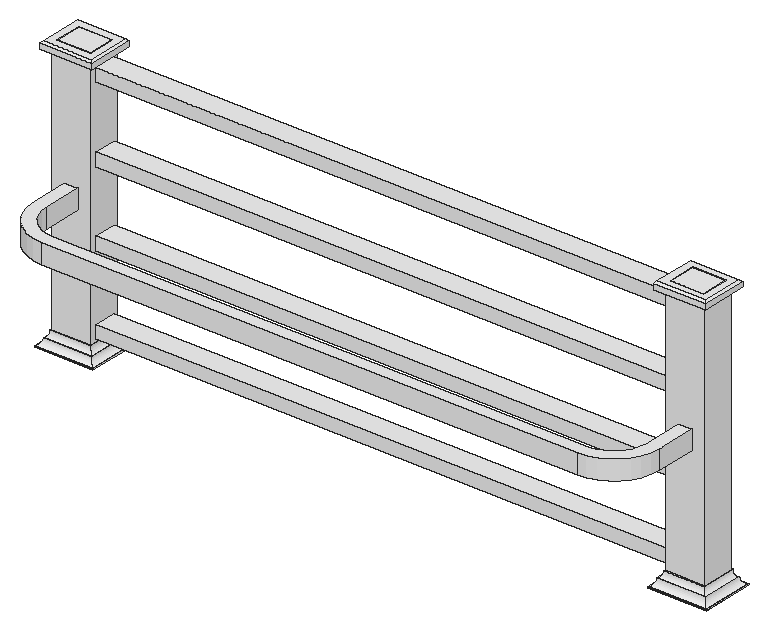
Revit family "Train_Rack-American_Standard-Town_Square-7455260_Series", category Specialty Equipment, host Face, Revit 2019
Family settings
  Host = Face
  Round Connector Dimension = Use Diameter
  Part Type = Normal
  OmniClass Number = 23.40.20.21.27
  OmniClass Title = Towel Bars
  Cut with Voids When Loaded = No
  Shared = Yes
  Room Calculation Point = No
Parameters (values of type "7455260.002")
  Width = 10 9/16"
  Warranty Information = "Limited Lifetime Warranty"
  URL = "https://www.americanstandard-us.com/"
  Type Comments = ""
  Product Page URL = "https://www.americanstandard-us.com/Towel-Bars/Town-Square-S-24-Inch-Train-Rack/CHROME-7455260002"
  Product Documentation Link = "https://americanstandard.box.com/shared/static/7sfmfnsywqtkfmsoqsz2spnwdee74oyk.pdf"
  Model = "7455260.002"
  Material = "Brass-American Standard-002-Polished Chrome"
  Manufacturer = "American Standard"
  Length = 25 7/8"
  Installation Type = "Wall Mounted"
  Height = 4 15/16"
  Finish = Brass-American Standard-002-Polished Chrome
  Description = "Town Square® S 24-Inch Train Rack"
  Default Elevation = 40"
  Creation Date = "01/04/2023"  # constant formula
  Assembly Code = "C1030200"
Types (5): name | Product Page URL | Model | Material | Finish
  (no name) | "https://www.americanstandard-us.com/Towel-Bars/Town-Square-S-24-Inch-Train-Rack/CHROME-7455260002" | "7455260.002" | "Brass-American Standard-002-Polished Chrome" | Brass-American Standard-002-Polished Chrome
  7455260.002 | "https://www.americanstandard-us.com/Towel-Bars/Town-Square-S-24-Inch-Train-Rack/CHROME-7455260002" | "7455260.002" | "Brass-American Standard-002-Polished Chrome" | Brass-American Standard-002-Polished Chrome
  7455260.295 | "https://www.americanstandard-us.com/Towel-Bars/Town-Square-S-24-Inch-Train-Rack/BRUSHED-NICKEL-7455260295" | "7455260.295" | "Brass-American Standard-295-Satin Nickel" | Brass-American Standard-295-Satin Nickel
  7455260.278 | "https://www.americanstandard-us.com/Towel-Bars/Town-Square-S-24-Inch-Train-Rack/LEGACY-BRONZE-7455260278" | "7455260.278" | "Brass-American Standard-278-Legacy Bronze" | Brass-American Standard-278-Legacy Bronze
  7455260.013 | "https://www.americanstandard-us.com/Towel-Bars/Town-Square-S-24-Inch-Train-Rack/POLISHED-NICKEL-7455260013" | "7455260.013" | "Brass-American Standard-013-Polished Nickel" | Brass-American Standard-013-Polished Nickel
Reference planes (in)
  plane 1 "Center (Front/Back)": y = 0
  plane 2: z = -15.3125
  plane 3 "Center (Left/Right)": x = 0
  plane 4: z = 10.5625
  plane 5: x = -12.9375
  plane 6: x = 12.9375
  plane 7: x = -11.8125
  plane 8: x = 11.8125
  plane 9: z = 1.5
  plane 10: y = -3.92969
Forms (in)
  Extrusion 1, solid, material "Brass-American Standard-002-Polished Chrome" <- "Finish"
    sketch origin (0, 0, 0) x (1, 0, 0) y (0, 1, 0)
      loop
        line (-12.45439, 0.5247) -> (-12.45439, -0.5247) -> (-11.17061, -0.5247) -> (-11.17061, 0.5247) -> (-12.45439, 0.5247)
    from 0 to 10.5625
  Sweep 2, solid, material "Brass-American Standard-002-Polished Chrome" <- "Finish"
    path origin (0, 0, 0) x (-1, 0, 0) y (0, 1, 0)
      loop
        line (-12.9375, 1.00781) -> (-12.9375, -1.00781) -> (-10.6875, -1.00781) -> (-10.6875, 1.00781) -> (-12.9375, 1.00781)
    profile origin (11.8125, 1.00781, 0) x (0, -1, 0) y (0, 0, 1)
      loop
        line (0, 0) -> (0.48311, 0) -> (0.48311, 10.5625) -> (0.19869, 10.5625) -> (0.11869, 10.4825) -> (0.11869, 10.2816) -> (0.37482, 10.2816) -> (0.37482, 0.57265) -> (0.33535, 0.57265)
        arc (0.33535, 0.57265) -> (0.31676, 0.42855) -> (0.23311, 0.30976) r 0.30243
        line (0.23311, 0.30976) -> (0.19364, 0.30976)
        arc (0.19364, 0.30976) -> (0.15143, 0.15668) -> (0.03671, 0.04687) r 0.29866
        line (0.03671, 0.04687) -> (0, 0.04687) -> (0, 0)
  Extrusion 3, solid, material "Brass-American Standard-002-Polished Chrome" <- "Finish"
    sketch origin (12.70439, -0.7747, 0.62226) x (0, 1, 0) y (0, 0, 1)
      loop
        line (0.33715, 9.44959) -> (0.33715, 8.94959) -> (1.21225, 8.94959) -> (1.21225, 9.44959) -> (0.33715, 9.44959)
      loop
        line (0.33715, 0.0739) -> (1.21225, 0.0739) -> (1.21225, 0.5739) -> (0.33715, 0.5739) -> (0.33715, 0.0739)
      loop
        line (0.33715, 6.52304) -> (0.33715, 6.02304) -> (1.21225, 6.02304) -> (1.21225, 6.52304) -> (0.33715, 6.52304)
      loop
        line (0.33715, 3.12545) -> (1.21225, 3.12545) -> (1.21225, 3.62545) -> (0.33715, 3.62545) -> (0.33715, 3.12545)
    from -24.51689 to -0.89189
  Sweep 4, solid, material "Brass-American Standard-002-Polished Chrome" <- "Finish"
    path origin (0, -0.03906, 0) x (1, 0, 0) y (0, 1, 0)
      loop
        line (-11.8125, 0.03906) -> (-11.8125, -2.14073)
        arc (-11.8125, -2.14073) -> (-11.37316, -3.20139) -> (-10.3125, -3.64073) r 1.5
        line (-10.3125, -3.64073) -> (10.3125, -3.64073)
        arc (10.3125, -3.64073) -> (11.37316, -3.20139) -> (11.8125, -2.14073) r 1.5
        line (11.8125, -2.14073) -> (11.8125, 0.03906)
    profile origin (-11.8125, -1.0899, 0) x (1, 0, 0) y (0, 0, 1)
      loop
        line (0.25, 5.8023) -> (-0.25, 5.8023) -> (-0.25, 5.0523) -> (0.25, 5.0523) -> (0.25, 5.8023)
  Extrusion 5, solid, material "Brass-American Standard-002-Polished Chrome" <- "Finish"
    sketch origin (0, 0, 0) x (-1, 0, 0) y (0, -1, 0)
      loop
        line (-12.45439, -0.5247) -> (-11.17061, -0.5247) -> (-11.17061, 0.5247) -> (-12.45439, 0.5247) -> (-12.45439, -0.5247)
    from 0 to 10.5625
  Sweep 6, solid, material "Brass-American Standard-002-Polished Chrome" <- "Finish"
    path origin (0, 0, 0) x (1, 0, 0) y (0, 1, 0)
      loop
        line (-12.9375, 1.00781) -> (-12.9375, -1.00781) -> (-10.6875, -1.00781) -> (-10.6875, 1.00781) -> (-12.9375, 1.00781)
    profile origin (-11.8125, 1.00781, 0) x (0, 1, 0) y (0, 0, 1)
      loop
        line (0, 0) -> (0, 0.04687) -> (-0.03671, 0.04687)
        arc (-0.03671, 0.04687) -> (-0.15143, 0.15668) -> (-0.19364, 0.30976) r 0.29866
        line (-0.19364, 0.30976) -> (-0.23311, 0.30976)
        arc (-0.23311, 0.30976) -> (-0.31676, 0.42855) -> (-0.33535, 0.57265) r 0.30243
        line (-0.33535, 0.57265) -> (-0.37482, 0.57265) -> (-0.37482, 10.2816) -> (-0.11869, 10.2816) -> (-0.11869, 10.4825) -> (-0.19869, 10.5625) -> (-0.48311, 10.5625) -> (-0.48311, 0) -> (0, 0)
Lines and regions (in)
  Masking region 1
    outline origin (12.56268, 0.63299, 0.57265) x (-1, 0, 0) y (0, 0, 1)
      loop
        line (1.67648, 9.98985) -> (-0.17613, 9.98985) -> (-0.25613, 9.90985) -> (-0.25613, 9.70895) -> (0, 9.70895) -> (0, 0) -> (-0.03947, 0)
        arc (-0.03947, 0) -> (-0.05807, -0.14409) -> (-0.14171, -0.26289) r 0.30243
        line (-0.14171, -0.26289) -> (-0.18118, -0.26289)
        arc (-0.18118, -0.26289) -> (-0.2234, -0.41597) -> (-0.33811, -0.52577) r 0.29866
        line (-0.33811, -0.52577) -> (-0.37482, -0.52577) -> (-0.37482, -0.57265) -> (1.87518, -0.57265) -> (1.87518, -0.52577) -> (1.83846, -0.52577)
        arc (1.83846, -0.52577) -> (1.72375, -0.41597) -> (1.68153, -0.26289) r 0.29866
        line (1.68153, -0.26289) -> (1.64206, -0.26289)
        arc (1.64206, -0.26289) -> (1.55842, -0.14409) -> (1.53982, 0) r 0.30243
        line (1.53982, 0) -> (1.50035, 0) -> (1.50035, 0.12351) -> (23.625, 0.12351) -> (23.625, 0) -> (23.58553, 0)
        arc (23.58553, 0) -> (23.56693, -0.14409) -> (23.48329, -0.26289) r 0.30243
        line (23.48329, -0.26289) -> (23.44382, -0.26289)
        arc (23.44382, -0.26289) -> (23.4016, -0.41597) -> (23.28689, -0.52577) r 0.29866
        line (23.28689, -0.52577) -> (23.25018, -0.52577) -> (23.25018, -0.57265) -> (25.50018, -0.57265) -> (25.50018, -0.52577) -> (25.46346, -0.52577)
        arc (25.46346, -0.52577) -> (25.34875, -0.41597) -> (25.30653, -0.26289) r 0.29866
        line (25.30653, -0.26289) -> (25.26706, -0.26289)
        arc (25.26706, -0.26289) -> (25.18342, -0.14409) -> (25.16482, 0) r 0.30243
        line (25.16482, 0) -> (25.12535, 0) -> (25.12535, 9.70895) -> (25.38148, 9.70895) -> (25.38148, 9.90985) -> (25.30148, 9.98985) -> (23.44887, 9.98985) -> (23.36887, 9.90985) -> (23.36887, 9.70895) -> (23.625, 9.70895) -> (23.625, 9.49921) -> (1.50035, 9.49921) -> (1.50035, 9.70895) -> (1.75648, 9.70895) -> (1.75648, 9.90985) -> (1.67648, 9.98985)
      loop
        line (1.50035, 8.99921) -> (1.50035, 6.57266) -> (23.625, 6.57266) -> (23.625, 8.99921) -> (1.50035, 8.99921)
      loop
        line (1.50035, 6.07266) -> (1.50035, 5.22965) -> (23.625, 5.22965) -> (23.625, 6.07266) -> (1.50035, 6.07266)
      loop
        line (1.50035, 4.47965) -> (1.50035, 3.67506) -> (23.625, 3.67506) -> (23.625, 4.47965) -> (1.50035, 4.47965)
      loop
        line (1.50035, 3.17506) -> (1.50035, 0.62351) -> (23.625, 0.62351) -> (23.625, 3.17506) -> (1.50035, 3.17506)
  symbolic lines, detail levels medium+fine
    curve 1: line (11.06232, 0.63299, 0.57265) -> (11.06232, 0.63299, 10.2816)
    curve 2: line (-11.06232, 0.63299, 10.2816) -> (-11.06232, 0.63299, 0.57265)
  symbolic lines, detail levels fine
    curve 3: line (-10.80619, 0.63299, 10.2816) -> (-12.81881, 0.63299, 10.2816)
    curve 4: line (-12.74386, 0.63299, 0.30976) -> (-10.88114, 0.63299, 0.30976)
    curve 5: line (-12.60215, 0.63299, 0.57265) -> (-11.06232, 0.63299, 0.57265)
    curve 6: line (10.88114, 0.63299, 0.30976) -> (12.74386, 0.63299, 0.30976)
    curve 7: line (11.06232, 0.63299, 0.57265) -> (12.60215, 0.63299, 0.57265)
    curve 8: line (12.81881, 0.63299, 10.2816) -> (10.80619, 0.63299, 10.2816)
Dimensions and locks (in)
  "Length": plane 4 to plane 2
  equal spacing: plane 5, plane 3 "Center (Left/Right)", plane 6
  "Length": plane 5 to plane 6
  equal spacing: plane 7, plane 3 "Center (Left/Right)", plane 8
  plane 7 to plane 8 = 23 5/8"
  level to plane 4 = 10 9/16"
  plane 9 to plane 4 = 9 1/16"
  "Height": Sweep 2 to plane 10
  aligned and locked: level to host face
  aligned and locked: Extrusion 1 to host face
  aligned and locked: Extrusion 3 to plane 7
  aligned and locked: Extrusion 3 to plane 8
  aligned and locked: plane 8 to Sweep 4 sketch curve
  aligned and locked: Sweep 4 sketch curve to plane 7
Automatic sketch dimensions
  host sketch curve to host sketch curve = 96"  (x2)
  plane 5 to Extrusion 1 sketch curve = 0.48311"
  plane 7 to Extrusion 1 sketch curve = 0.64189"
  plane 1 "Center (Front/Back)" to Extrusion 1 sketch curve = 0.5247"
  Extrusion 1 sketch curve to plane 1 "Center (Front/Back)" = 0.5247"
  Sweep 2 sketch curve to plane 6 = 0"
  Sweep 2 sketch curve to plane 8 = 1 1/8"
  Sweep 2 sketch curve to plane 1 "Center (Front/Back)" = 1 1/128"
  plane 1 "Center (Front/Back)" to Sweep 2 sketch curve = 1 1/128"
  Sweep 2 sketch curve to profile plane = 0"
  Sweep 2 sketch curve to level = 0"
  profile plane to Sweep 2 sketch curve = 0.10502"
  Sweep 2 sketch curve to profile plane = 0.03489"
  Sweep 2 sketch curve to Sweep 2 sketch curve = 0.03671"
  Sweep 2 sketch curve to profile plane = 0.11869"
  Sweep 2 sketch curve to profile plane = 0.19364"
  Sweep 2 sketch curve to Sweep 2 sketch curve = 0.08"  (x2)
  Sweep 2 sketch curve to Sweep 2 sketch curve = 0.03947"
  Sweep 2 sketch curve to Sweep 2 sketch curve = 0.10224"
  Sweep 2 sketch curve to Sweep 2 sketch curve = 0.25613"
  Sweep 2 sketch curve to Sweep 2 sketch curve = 0.28442"
  level to Sweep 2 sketch curve = 3/64"
  Sweep 2 sketch curve to Sweep 2 sketch curve = 0.22842"
  Sweep 2 sketch curve to Sweep 2 sketch curve = 9.70895"
  Sweep 2 sketch curve to Sweep 2 sketch curve = 0.2009"
  plane 1 "Center (Front/Back)" to Extrusion 3 sketch curve = 0.43755"  (x4)
  Extrusion 3 sketch curve to plane 1 "Center (Front/Back)" = 0.43755"  (x4)
  Extrusion 3 sketch curve to plane 9 = 0.80384"
  Extrusion 3 sketch curve to plane 9 = 0.30384"
  plane 9 to Extrusion 3 sketch curve = 2.24771"
  Extrusion 3 sketch curve to Extrusion 3 sketch curve = 1/2"  (x3)
  Extrusion 3 sketch curve to Extrusion 3 sketch curve = 2.39759"
  Extrusion 3 sketch curve to plane 4 = 0.99065"
  plane 1 "Center (Front/Back)" to Sweep 4 sketch curve = 0"  (x2)
  Sweep 4 sketch curve to Sweep 4 sketch curve = 1 1/2"
  plane 8 to Sweep 4 sketch curve = 1 1/2"
  plane 10 to Sweep 4 sketch curve = 1.7499"
  profile plane to Sweep 4 sketch curve = 1/4"
  Sweep 4 sketch curve to profile plane = 1/4"
  level to Sweep 4 sketch curve = 5.0523"
  Sweep 4 sketch curve to Sweep 4 sketch curve = 3/4"
  Extrusion 5 sketch curve to plane 6 = 0.48311"
  Extrusion 5 sketch curve to plane 8 = 0.64189"
  Extrusion 5 sketch curve to plane 1 "Center (Front/Back)" = 0.5247"
  plane 1 "Center (Front/Back)" to Extrusion 5 sketch curve = 0.5247"
  Sweep 6 sketch curve to plane 5 = 0"
  plane 7 to Sweep 6 sketch curve = 1 1/8"
  plane 1 "Center (Front/Back)" to Sweep 6 sketch curve = 1 1/128"
  Sweep 6 sketch curve to plane 1 "Center (Front/Back)" = 1 1/128"
  Sweep 6 sketch curve to level = 0"
  Sweep 6 sketch curve to profile plane = 0"
  profile plane to Sweep 6 sketch curve = 0.03489"
  profile plane to Sweep 6 sketch curve = 0.03671"
  profile plane to Sweep 6 sketch curve = 0.11869"
  profile plane to Sweep 6 sketch curve = 0.19364"
  Sweep 6 sketch curve to Sweep 6 sketch curve = 0.08"  (x2)
  Sweep 6 sketch curve to Sweep 6 sketch curve = 0.03947"  (x2)
  Sweep 6 sketch curve to Sweep 6 sketch curve = 0.10224"
  Sweep 6 sketch curve to Sweep 6 sketch curve = 0.28442"
  Sweep 6 sketch curve to profile plane = 0.10502"
  level to Sweep 6 sketch curve = 3/64"
  Sweep 6 sketch curve to Sweep 6 sketch curve = 0.22842"
  Sweep 6 sketch curve to Sweep 6 sketch curve = 9.70895"
  Sweep 6 sketch curve to Sweep 6 sketch curve = 0.2009"
  Masking region 1 sketch curve to Sweep 2 = 0"  (x10)
  Sweep 2 to Masking region 1 sketch curve = 0"
  Masking region 1 sketch curve to Sweep 2 = 0.03947"  (x2)
  Masking region 1 sketch curve to Sweep 2 = 0.14171"  (x2)
  Masking region 1 sketch curve to Sweep 2 = 0.17613"  (x2)
  Masking region 1 sketch curve to Masking region 1 sketch curve = 0.03947"  (x6)
  Masking region 1 sketch curve to Masking region 1 sketch curve = 0.08"  (x6)
  Masking region 1 sketch curve to Masking region 1 sketch curve = 0.15693"  (x3)
  Masking region 1 sketch curve to Sweep 2 = 0.03447"  (x4)
  Masking region 1 sketch curve to Masking region 1 sketch curve = 0.15875"  (x4)
  Masking region 1 sketch curve to Masking region 1 sketch curve = 0.03671"  (x4)
  Masking region 1 sketch curve to Masking region 1 sketch curve = 0.1399"  (x4)
  Masking region 1 sketch curve to Masking region 1 sketch curve = 21.16497"
  Masking region 1 sketch curve to Masking region 1 sketch curve = 0.10502"
  Masking region 1 sketch curve to Masking region 1 sketch curve = 0.08381"
  Masking region 1 sketch curve to Masking region 1 sketch curve = 1.50035"
  Masking region 1 sketch curve to Masking region 1 sketch curve = 0.10224"  (x2)
  Masking region 1 sketch curve to Masking region 1 sketch curve = 0.17613"
  Masking region 1 sketch curve to Masking region 1 sketch curve = 3/64"  (x2)
  Masking region 1 sketch curve to Sweep 2 = 0.2009"  (x3)
  Masking region 1 sketch curve to Masking region 1 sketch curve = 0.2009"
  Masking region 1 sketch curve to Masking region 1 sketch curve = 0"  (x9)
  Sweep 2 to Masking region 1 sketch curve = 0.20974"
  Sweep 2 to Masking region 1 sketch curve = 0.12351"
  Masking region 1 sketch curve to Masking region 1 sketch curve = 1/2"  (x4)
  Masking region 1 sketch curve to Masking region 1 sketch curve = 2.55155"
  Masking region 1 sketch curve to Masking region 1 sketch curve = 0.80459"
  Masking region 1 sketch curve to Masking region 1 sketch curve = 0.843"
  Masking region 1 sketch curve to Masking region 1 sketch curve = 3/4"
  curve 2 to Masking region 1 = 0"  (x2)
  curve 1 to Masking region 1 = 0"  (x2)
  curve 3 to Masking region 1 = 0"  (x2)
  Masking region 1 to curve 2 = 0"
  Masking region 1 to curve 1 = 0"
  curve 4 to Masking region 1 = 0"
  curve 4 to Masking region 1 = 0.07495"  (x2)
  Masking region 1 to curve 5 = 0.03947"
  curve 6 to Masking region 1 = 0"
  curve 6 to Masking region 1 = 0.07495"  (x2)
  Masking region 1 to curve 7 = 0.03947"
  curve 8 to Masking region 1 = 0"  (x2)
